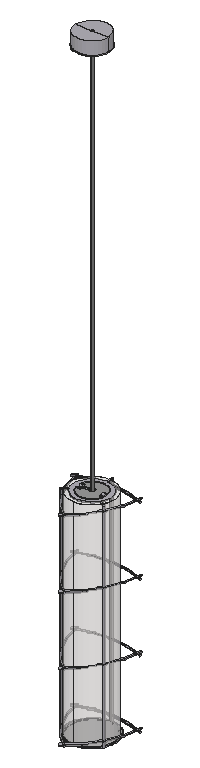
Revit family "Lighting - Lumetta - Pendant - P205-Full", category Lighting Fixtures, host Ceiling, Revit 2015
Parameters
  Wattage = 19.2793 W
  built-in parameter 1150110 = 1 (stored number, unit not read)
  URL = "https://lumetta.com/luminaires/turret-pendant/"
  Type Comments = "Chopstick 38'' Pendant "  # constant formula
  built-in parameter 1114217 = 1 (stored number, unit not read)
  Top-Bottom Lens Radius [instance] = Fixture Inner Radius - 0' 0 5/32"  # 0' - 2 19/32"
  Top Lens-Material [instance] = Acrylic - 2447 - White
  Top Lens [instance] = yes
  built-in parameter 1150109 = 1 (stored number, unit not read)
  built-in parameter 1150134 = (empty or 0)
  Suspension [instance] = 2
  built-in parameter 1150113 = 1 (stored number, unit not read)
  Stem or Cord with Blst-Drvr in canopy [instance] = or(Suspension = 2, Suspension = 3)  # yes
  Stem Hung-ALL Lamping [instance] = Suspension = 3  # no
  P205 URL [instance] = "https://lumetta.com/luminaires/chopstix-38-pendant/"
  Light Source Symbol Size = 0' - 1"
  Fixture Outer Radius [instance] = 0' - 3 1/2"
  Fixture Inner Radius [instance] = 0' - 2 3/4"
  Fixture Diameter [instance] = 2 * Fixture Inner Radius  # 0' - 5 1/2"
  Coupling-Stems Over 60 inches [instance] = and([Stem Hung-ALL Lamping], Fixture Drop > 5' 0")  # no
  Model = "P205"  # constant formula
  Manufacturer = "Lumetta, Inc."  # constant formula
  Lumens = 2140 lm
  built-in parameter 1150115 = 1 (stored number, unit not read)
  built-in parameter 1150105 = 170.3 (stored number, unit not read)
  built-in parameter 1150137 = (empty or 0)
  built-in parameter 1150139 = (empty or 0)
  built-in parameter 1150112 = 1 (stored number, unit not read)
  built-in parameter 1150114 = 1 (stored number, unit not read)
  built-in parameter 1150132 = 2
  built-in parameter 1150102 = (empty or 0)
  built-in parameter 1150138 = (empty or 0)
  built-in parameter 1150107 = 3000 (stored number, unit not read)
  built-in parameter 1150106 = 1.703 (stored number, unit not read)
  Frame Finish [instance] = Paint - Lumetta - F02 - PC_Chrome
  Fixture Height [instance] = 3' - 2"
  Fixture Drop [instance] = 6' - 0"
  built-in parameter 1150104 = 10.312 (stored number, unit not read)
  Dimming Lamp Color Temperature Shift = (empty or 0)
  Diffuser Material [instance] = Shade - Lumetta - D61 - MT_White
  Description = "Chopstick 38'' Pendant "  # constant formula
  Cord Hung-Incan-CFL-2 Wire Dimming [instance] = Suspension = 1  # no
  Cord Hung-Blst-Drvr in Canopy [instance] = or(Suspension = 1, Suspension = 2)  # yes
  Bottom Lens-Material [instance] = Acrylic - P95 - Etched White
  Bottom Lens [instance] = yes
  Cord Hung-3 and 4 Wire Dimming-ALL [instance] = Suspension = 2  # yes
  Cord Color [instance] = Cord, Black
  Color Filter = 16777215
  built-in parameter 1114218 = 1 (stored number, unit not read)
  built-in parameter 1150133 = 10 (stored number, unit not read)
Reference planes (in)
  plane 1 "Light Source Axis (F/B)": y = 0
  plane 2 "Ceiling": z = 96
  plane 3 "Light Source Axis (L/R)": x = 0
  plane 4 "Light Source Elevation": z = 21
  plane 5 "Fixture-Top": z = 24
  plane 6 "Fixture-Height": z = -14
  plane 7: y = 0
  plane 8: x = 1.9375
  plane 9 "Outer BTM-Flat Plane": z = 10.44187
  plane 10 "Middle Ring": z = 16.5
Forms (in)
  Revolve 1, solid, material "Paint - Lumetta - F02 - PC_Chrome" <- "Frame Finish", visible <- "Cord Hung-Incan-CFL-2 Wire Dimming"
    sketch origin (0, 0, 0) x (1, 0, 0) y (0, 0, 1)
      loop
        line (0, 96) -> (0, 95.65) -> (2.125, 95.65)
        arc (2.125, 95.65) -> (2.21339, 95.68661) -> (2.25, 95.775) r 0.125
        line (2.25, 95.775) -> (2.25, 96) -> (0, 96)
      axis (0, 96) -> (0, 95.65)
    angle from 0 to 360
  Extrusion 2, solid, material "Paint - Lumetta - F02 - PC_Chrome" <- "Frame Finish", visible <- "Stem Hung-ALL Lamping"
    sketch origin (0, 0, 24) x (0, -1, 0) y (-1, 0, 0)
      loop
        circle (0, 0) r 0.25
    from 0.05815 to -72
  Revolve 3, solid, material "Paint - Lumetta - F02 - PC_Chrome" <- "Frame Finish", visible <- "Coupling-Stems Over 60 inches"
    sketch origin (0, 0, 0) x (1, 0, 0) y (0, 0, 1)
      loop
        line (0, 86.53023) -> (0, 86) -> (0.26233, 86)
        arc (0.26233, 86) -> (0.31307, 86.05074) -> (0.26233, 86.10149) r 0.05074
        arc (0.26233, 86.10149) -> (0.29304, 86.26499) -> (0.26243, 86.42851) r 0.45126
        arc (0.26243, 86.42851) -> (0.31329, 86.47937) -> (0.26243, 86.53023) r 0.05086
        line (0.26243, 86.53023) -> (0, 86.53023)
      axis (0, 86.53023) -> (0, 86)
    angle from 0 to 360
  Extrusion 4, solid, material "Cord, Black" <- "Cord Color", visible <- "Cord Hung-Blst-Drvr in Canopy"
    sketch origin (0, 0, 24) x (0, -1, 0) y (1, 0, 0)
      loop
        circle (0, 0) r 0.15674
    from -0.05815 to 72
  Extrusion 5, solid, material "Paint - Lumetta - F02 - PC_Chrome" <- "Frame Finish"
    sketch origin (0.0011, -0.00472, 24) x (0.382683, -0.92388, 0) y (0.92388, 0.382683, 0)
      loop
        circle (0, 0) r 0.26562
      loop
        arc (-1.29906, -1.503) -> (-1.30857, -1.55084) -> (-1.29906, -1.59867) r 0.125
        line (-1.29906, -1.59867) -> (-1.16897, -1.91274)
        arc (-1.16897, -1.91274) -> (-1.14187, -1.95329) -> (-1.10132, -1.98039) r 0.125
        line (-1.10132, -1.98039) -> (-0.62159, -2.1791)
        arc (-0.62159, -2.1791) -> (-0.57376, -2.18861) -> (-0.52592, -2.1791) r 0.125
        line (-0.52592, -2.1791) -> (-0.21186, -2.04901)
        arc (-0.21186, -2.04901) -> (-0.17131, -2.02191) -> (-0.14421, -1.98136) r 0.125
        line (-0.14421, -1.98136) -> (1.29906, 1.503)
        arc (1.29906, 1.503) -> (1.30857, 1.55084) -> (1.29906, 1.59867) r 0.125
        line (1.29906, 1.59867) -> (1.17016, 1.90987)
        arc (1.17016, 1.90987) -> (1.14306, 1.95043) -> (1.10251, 1.97752) r 0.125
        line (1.10251, 1.97752) -> (0.61873, 2.17791)
        arc (0.61873, 2.17791) -> (0.57089, 2.18743) -> (0.52306, 2.17791) r 0.125
        line (0.52306, 2.17791) -> (0.21186, 2.04901)
        arc (0.21186, 2.04901) -> (0.17131, 2.02191) -> (0.14421, 1.98136) r 0.125
        line (0.14421, 1.98136) -> (-1.29906, -1.503)
      loop
        circle (-0.77014, -1.84697) r 0.081
      loop
        circle (0.76059, 1.84855) r 0.081
    from -0.12114 to -0.05815
  Revolve 6, solid, material "Paint - Lumetta - F02 - PC_Chrome" <- "Frame Finish", visible <- "Cord Hung-Incan-CFL-2 Wire Dimming"
    sketch origin (0, 0, 0) x (1, 0, 0) y (0, 0, 1)
      loop
        line (0, 95.65) -> (0, 95.15) -> (0.28125, 95.15) -> (0.375, 95.65) -> (0, 95.65)
      axis (0, 95.65) -> (0, 95.15)
    angle from 0 to 360
  Revolve 7, solid, material "Paint - Lumetta - F02 - PC_Chrome" <- "Frame Finish", visible <- "Stem or Cord with Blst-Drvr in canopy"
    sketch origin (0, 0, 0) x (1, 0, 0) y (0, 0, 1)
      loop
        line (1.9375, 93.72) -> (1.9375, 93.37095)
        arc (1.9375, 93.37095) -> (2.11821, 93.50953) -> (2.03125, 93.72) r 0.18712
        line (2.03125, 93.72) -> (1.9375, 93.72)
      axis (1.9375, 93.72) -> (1.9375, 93.37095)
    angle from 0 to 360
  Revolve 8, solid, material "Paint - Lumetta - F02 - PC_Chrome" <- "Frame Finish", visible <- "Stem or Cord with Blst-Drvr in canopy"
    sketch origin (0, 0, 0) x (-1, 0, 0) y (0, 0, 1)
      loop
        line (1.9375, 93.72) -> (1.9375, 93.37095)
        arc (1.9375, 93.37095) -> (2.11821, 93.50953) -> (2.03125, 93.72) r 0.18712
        line (2.03125, 93.72) -> (1.9375, 93.72)
      axis (1.9375, 93.72) -> (1.9375, 93.37095)
    angle from 0 to 360
  Revolve 9, solid, material "Paint - Lumetta - F02 - PC_Chrome" <- "Frame Finish", visible <- "Stem Hung-ALL Lamping"
    sketch origin (0, 0, 0) x (1, 0, 0) y (0, 0, 1)
      loop
        line (0, 96.0012) -> (0, 93.40625) -> (0.34988, 93.40625)
        arc (0.34988, 93.40625) -> (0.49124, 93.54417) -> (0.58115, 93.72) r 0.61026
        line (0.58115, 93.72) -> (3, 93.72) -> (3, 93.78) -> (2.875, 93.78) -> (2.875, 96.0012) -> (0, 96.0012)
      axis (0, 96.0012) -> (0, 93.40625)
    angle from 0 to 360
  Revolve 10, solid, material "Paint - Lumetta - F02 - PC_Chrome" <- "Frame Finish"
    sketch origin (-0.0625, 0, -0.07325) x (-1, 0, 0) y (0, 0, 1)
      loop
        arc (2.0625, 24.07325) -> (2.11266, 24.27991) -> (1.9375, 24.4005) r 0.1875
        line (1.9375, 24.4005) -> (1.9375, 24.07325) -> (2.0625, 24.07325)
      axis (1.9375, 24.4005) -> (1.9375, 24.07325)
    angle from 0 to 360
  Extrusion 11, solid, material "Shade - Lumetta - D61 - MT_White" <- "Diffuser Material"
    sketch origin (0, 0, 24) x (0, -1, 0) y (1, 0, 0)
      loop
        circle (0, 0) r 3.96875
      loop
        circle (0, 0) r 3.9375
    from -38 to -0.05815
  Extrusion 12, solid, material "Paint - Lumetta - F02 - PC_Chrome" <- "Frame Finish", visible <- "Bottom Lens"
    sketch origin (0, 0, 13) x (0, -1, 0) y (1, 0, 0)
      loop
        circle (0, 0) r 4.226
      loop
        circle (0, 0) r 3.726
    from -26.94112 to -27
  Extrusion 13, solid, material "Acrylic - P95 - Etched White" <- "Bottom Lens-Material", visible <- "Bottom Lens"
    sketch origin (0, 0, -14) x (0, -1, 0) y (1, 0, 0)
      loop
        circle (0, 0) r 4.125
    from 0 to 0.11365
  Extrusion 14, solid, material "Acrylic - 2447 - White" <- "Top Lens-Material", visible <- "Top Lens"
    sketch origin (-0.05005, -0.00001, 23.94185) x (0.382683, -0.92388, 0) y (0.92388, 0.382683, 0)
      loop
        line (-0.86292, -1.34728) -> (-0.42269, -0.28447)
        arc (-0.42269, -0.28447) -> (-0.41327, -0.23182) -> (-0.42671, -0.18006) r 0.125
        arc (-0.42671, -0.18006) -> (0.21087, 0.50803) -> (0.1736, -0.4293) r 0.5
        arc (0.1736, -0.4293) -> (0.12737, -0.45639) -> (0.09673, -0.50035) r 0.125
        line (0.09673, -0.50035) -> (-0.34324, -1.56254)
        arc (-0.34324, -1.56254) -> (-0.34324, -1.61037) -> (-0.30942, -1.6442) r 0.0625
        line (-0.30942, -1.6442) -> (-0.2228, -1.68007)
        arc (-0.2228, -1.68007) -> (-0.15515, -1.74772) -> (-0.15515, -1.84339) r 0.125
        line (-0.15515, -1.84339) -> (-0.35756, -2.33205)
        arc (-0.35756, -2.33205) -> (-0.35388, -2.38734) -> (-0.3077, -2.41797) r 0.0625
        arc (-0.3077, -2.41797) -> (2.25155, -0.93271) -> (1.49213, 1.92719) r 2.4375
        arc (1.49213, 1.92719) -> (1.43781, 1.93818) -> (1.39611, 1.9017) r 0.0625
        line (1.39611, 1.9017) -> (1.23207, 1.50567)
        arc (1.23207, 1.50567) -> (1.16442, 1.43802) -> (1.06875, 1.43802) r 0.125
        line (1.06875, 1.43802) -> (0.26036, 1.77287)
        arc (0.26036, 1.77287) -> (0.19271, 1.84052) -> (0.19271, 1.93619) r 0.125
        line (0.19271, 1.93619) -> (0.35675, 2.33221)
        arc (0.35675, 2.33221) -> (0.35306, 2.3875) -> (0.30688, 2.41813) r 0.0625
        arc (0.30688, 2.41813) -> (-2.25236, 0.93287) -> (-1.49294, -1.92703) r 2.4375
        arc (-1.49294, -1.92703) -> (-1.43863, -1.93802) -> (-1.39693, -1.90153) r 0.0625
        line (-1.39693, -1.90153) -> (-1.19452, -1.41288)
        arc (-1.19452, -1.41288) -> (-1.12687, -1.34523) -> (-1.0312, -1.34523) r 0.125
        line (-1.0312, -1.34523) -> (-0.94458, -1.3811)
        arc (-0.94458, -1.3811) -> (-0.89675, -1.3811) -> (-0.86292, -1.34728) r 0.0625
    from 0 to 0.05449
  Revolve 15, solid, material "Paint - Lumetta - F02 - PC_Chrome" <- "Frame Finish", visible <- "Cord Hung-3 and 4 Wire Dimming-ALL"
    sketch origin (0, 0, -2.02309) x (1, 0, 0) y (0, 0, 1)
      loop
        line (0, 95.74309) -> (0, 95.24309) -> (0.28125, 95.24309) -> (0.375, 95.74309) -> (0, 95.74309)
      axis (0, 95.74309) -> (0, 95.24309)
    angle from 0 to 360
  Revolve 16, solid, material "Paint - Lumetta - F02 - PC_Chrome" <- "Frame Finish", visible <- "Cord Hung-3 and 4 Wire Dimming-ALL"
    sketch origin (0, 0, 0) x (1, 0, 0) y (0, 0, 1)
      loop
        line (0, 96) -> (0, 93.72) -> (3, 93.72) -> (3, 93.78125) -> (2.875, 93.78125) -> (2.875, 96) -> (0, 96)
      axis (0, 96) -> (0, 93.72)
    angle from 0 to 360
  Revolve 17, solid, material "Paint - Lumetta - F02 - PC_Chrome" <- "Frame Finish"
    sketch origin (0.0625, 0, -0.07325) x (1, 0, 0) y (0, 0, 1)
      loop
        arc (2.0625, 24.07325) -> (2.11266, 24.27991) -> (1.9375, 24.4005) r 0.1875
        line (1.9375, 24.4005) -> (1.9375, 24.07325) -> (2.0625, 24.07325)
      axis (1.9375, 24.4005) -> (1.9375, 24.07325)
    angle from 0 to 360
  Extrusion 18, solid, material "Paint - Lumetta - F02 - PC_Chrome" <- "Frame Finish"
    sketch origin (0, 0, 24) x (0, -1, 0) y (1, 0, 0)
      loop
        arc (-3.24592, 0.16287) -> (-3.26527, 0.12071) -> (-3.30834, 0.1035) r 0.0625
        line (-3.30834, 0.1035) -> (-4.3301, 0.1035)
        arc (-4.3301, 0.1035) -> (-4.4336, 0) -> (-4.3301, -0.1035) r 0.1035
        line (-4.3301, -0.1035) -> (-3.30834, -0.1035)
        arc (-3.30834, -0.1035) -> (-3.26527, -0.12071) -> (-3.24592, -0.16287) r 0.0625
        arc (-3.24592, -0.16287) -> (-1.625, -2.81458) -> (1.48191, -2.89248) r 3.25
        arc (1.48191, -2.89248) -> (1.52809, -2.88816) -> (1.56454, -2.91685) r 0.0625
        line (1.56454, -2.91685) -> (2.07542, -3.80173)
        arc (2.07542, -3.80173) -> (2.2168, -3.83961) -> (2.25468, -3.69823) r 0.1035
        line (2.25468, -3.69823) -> (1.7438, -2.81335)
        arc (1.7438, -2.81335) -> (1.73717, -2.76745) -> (1.76401, -2.72961) r 0.0625
        arc (1.76401, -2.72961) -> (3.25, 0) -> (1.76401, 2.72961) r 3.25
        arc (1.76401, 2.72961) -> (1.73717, 2.76745) -> (1.7438, 2.81335) r 0.0625
        line (1.7438, 2.81335) -> (2.25468, 3.69823)
        arc (2.25468, 3.69823) -> (2.2168, 3.83961) -> (2.07542, 3.80173) r 0.1035
        line (2.07542, 3.80173) -> (1.56454, 2.91685)
        arc (1.56454, 2.91685) -> (1.52809, 2.88816) -> (1.48191, 2.89248) r 0.0625
        arc (1.48191, 2.89248) -> (-1.625, 2.81458) -> (-3.24592, 0.16287) r 3.25
      loop
        arc (-0.57692, -2.43252) -> (-0.52374, -2.42074) -> (-0.5, -2.37171) r 0.0625
        line (-0.5, -2.37171) -> (-0.5, -1.81641)
        arc (-0.5, -1.81641) -> (-0.48169, -1.77221) -> (-0.4375, -1.75391) r 0.0625
        line (-0.4375, -1.75391) -> (0.4375, -1.75391)
        arc (0.4375, -1.75391) -> (0.48169, -1.77221) -> (0.5, -1.81641) r 0.0625
        line (0.5, -1.81641) -> (0.5, -2.37171)
        arc (0.5, -2.37171) -> (0.52374, -2.42074) -> (0.57692, -2.43252) r 0.0625
        arc (0.57692, -2.43252) -> (2.5, 0) -> (0.57692, 2.43252) r 2.5
        arc (0.57692, 2.43252) -> (0.52374, 2.42074) -> (0.5, 2.37171) r 0.0625
        line (0.5, 2.37171) -> (0.5, 1.81641)
        arc (0.5, 1.81641) -> (0.48169, 1.77221) -> (0.4375, 1.75391) r 0.0625
        line (0.4375, 1.75391) -> (-0.4375, 1.75391)
        arc (-0.4375, 1.75391) -> (-0.48169, 1.77221) -> (-0.5, 1.81641) r 0.0625
        line (-0.5, 1.81641) -> (-0.5, 2.37171)
        arc (-0.5, 2.37171) -> (-0.52374, 2.42074) -> (-0.57692, 2.43252) r 0.0625
        arc (-0.57692, 2.43252) -> (-2.5, 0) -> (-0.57692, -2.43252) r 2.5
      loop
        circle (0, -2) r 0.106
      loop
        circle (0, 2) r 0.106
    from 0 to -0.05815
  Extrusion 19, solid, material "Paint - Lumetta - F02 - PC_Chrome" <- "Frame Finish"
    sketch origin (0, 0, 24) x (0, -1, 0) y (1, 0, 0)
      loop
        circle (-4.33176, 0) r 0.1035
      loop
        circle (2.16588, 3.75141) r 0.1035
      loop
        circle (2.16588, -3.75141) r 0.1035
    from -38 to -0.05815
  Sweep 20, solid, material "Paint - Lumetta - F02 - PC_Chrome" <- "Frame Finish"
    path origin (0.0096, 0, 23.99995) x (0.999954, 0, -0.009599) y (0, -1, 0)
      loop
        arc (-6, -2.95703) -> (0.00013, -4.226) -> (6, -2.95577) r 14.8125
    profile origin (0.00973, 4.226, 23.99995) x (-0.000105, -1, 0.000001) y (-0.009599, 0, -0.999954)
      loop
        circle (0, 1) r 0.1035
  Sweep 21, solid, material "Paint - Lumetta - F02 - PC_Chrome" <- "Frame Finish"
    path origin (-0.0048, -0.00831, 23.99995) x (-0.499977, -0.865986, -0.009599) y (-0.866025, 0.5, 0)
      loop
        arc (-6, -2.95703) -> (0.00013, -4.226) -> (6, -2.95577) r 14.8125
    profile origin (3.65496, -2.12143, 23.99995) x (-0.865973, 0.500091, 0.000001) y (0.0048, 0.008313, -0.999954)
      loop
        circle (0, 1) r 0.1035
  Sweep 22, solid, material "Paint - Lumetta - F02 - PC_Chrome" <- "Frame Finish"
    path origin (-0.0048, 0.00831, 23.99995) x (-0.499977, 0.865986, -0.009599) y (0.866025, 0.5, 0)
      loop
        arc (-6, -2.95703) -> (0.00013, -4.226) -> (6, -2.95577) r 14.8125
    profile origin (-3.66469, -2.10457, 23.99995) x (0.866078, 0.499909, 0.000001) y (0.0048, -0.008313, -0.999954)
      loop
        circle (0, 1) r 0.1035
  Sweep 23, solid, material "Paint - Lumetta - F02 - PC_Chrome" <- "Frame Finish"
    path origin (0.0096, 0, 11.99995) x (0.999954, 0, -0.009599) y (0, -1, 0)
      loop
        arc (-6, -2.95703) -> (0.00013, -4.226) -> (6, -2.95577) r 14.8125
    profile origin (0.00973, 4.226, 11.99995) x (-0.000105, -1, 0.000001) y (-0.009599, 0, -0.999954)
      loop
        circle (0, 1) r 0.1035
  Sweep 24, solid, material "Paint - Lumetta - F02 - PC_Chrome" <- "Frame Finish"
    path origin (-0.0048, -0.00831, 11.99995) x (-0.499977, -0.865986, -0.009599) y (-0.866025, 0.5, 0)
      loop
        arc (-6, -2.95703) -> (0.00013, -4.226) -> (6, -2.95577) r 14.8125
    profile origin (3.65496, -2.12143, 11.99995) x (-0.865973, 0.500091, 0.000001) y (0.0048, 0.008313, -0.999954)
      loop
        circle (0, 1) r 0.1035
  Sweep 25, solid, material "Paint - Lumetta - F02 - PC_Chrome" <- "Frame Finish"
    path origin (-0.0048, 0.00831, 11.99995) x (-0.499977, 0.865986, -0.009599) y (0.866025, 0.5, 0)
      loop
        arc (-6, -2.95703) -> (0.00013, -4.226) -> (6, -2.95577) r 14.8125
    profile origin (-3.66469, -2.10457, 11.99995) x (0.866078, 0.499909, 0.000001) y (0.0048, -0.008313, -0.999954)
      loop
        circle (0, 1) r 0.1035
  Sweep 26, solid, material "Paint - Lumetta - F02 - PC_Chrome" <- "Frame Finish"
    path origin (0.0096, 0, -0.00005) x (0.999954, 0, -0.009599) y (0, -1, 0)
      loop
        arc (-6, -2.95703) -> (0.00013, -4.226) -> (6, -2.95577) r 14.8125
    profile origin (0.00973, 4.226, -0.00005) x (-0.000105, -1, 0.000001) y (-0.009599, 0, -0.999954)
      loop
        circle (0, 1) r 0.1035
  Sweep 27, solid, material "Paint - Lumetta - F02 - PC_Chrome" <- "Frame Finish"
    path origin (-0.0048, -0.00831, -0.00005) x (-0.499977, -0.865986, -0.009599) y (-0.866025, 0.5, 0)
      loop
        arc (-6, -2.95703) -> (0.00013, -4.226) -> (6, -2.95577) r 14.8125
    profile origin (3.65496, -2.12143, -0.00005) x (-0.865973, 0.500091, 0.000001) y (0.0048, 0.008313, -0.999954)
      loop
        circle (0, 1) r 0.1035
  Sweep 28, solid, material "Paint - Lumetta - F02 - PC_Chrome" <- "Frame Finish"
    path origin (-0.0048, 0.00831, -0.00005) x (-0.499977, 0.865986, -0.009599) y (0.866025, 0.5, 0)
      loop
        arc (-6, -2.95703) -> (0.00013, -4.226) -> (6, -2.95577) r 14.8125
    profile origin (-3.66469, -2.10457, -0.00005) x (0.866078, 0.499909, 0.000001) y (0.0048, -0.008313, -0.999954)
      loop
        circle (0, 1) r 0.1035
  Sweep 29, solid, material "Paint - Lumetta - F02 - PC_Chrome" <- "Frame Finish"
    path origin (0.0096, 0, -12.00005) x (0.999954, 0, -0.009599) y (0, -1, 0)
      loop
        arc (-6, -2.95703) -> (0.00013, -4.226) -> (6, -2.95577) r 14.8125
    profile origin (0.00973, 4.226, -12.00005) x (-0.000105, -1, 0.000001) y (-0.009599, 0, -0.999954)
      loop
        circle (0, 1) r 0.1035
  Sweep 30, solid, material "Paint - Lumetta - F02 - PC_Chrome" <- "Frame Finish"
    path origin (-0.0048, -0.00831, -12.00005) x (-0.499977, -0.865986, -0.009599) y (-0.866025, 0.5, 0)
      loop
        arc (-6, -2.95703) -> (0.00013, -4.226) -> (6, -2.95577) r 14.8125
    profile origin (3.65496, -2.12143, -12.00005) x (-0.865973, 0.500091, 0.000001) y (0.0048, 0.008313, -0.999954)
      loop
        circle (0, 1) r 0.1035
  Sweep 31, solid, material "Paint - Lumetta - F02 - PC_Chrome" <- "Frame Finish"
    path origin (-0.0048, 0.00831, -12.00005) x (-0.499977, 0.865986, -0.009599) y (0.866025, 0.5, 0)
      loop
        arc (-6, -2.95703) -> (0.00013, -4.226) -> (6, -2.95577) r 14.8125
    profile origin (-3.66469, -2.10457, -12.00005) x (0.866078, 0.499909, 0.000001) y (0.0048, -0.008313, -0.999954)
      loop
        circle (0, 1) r 0.1035
Lines and regions (in)
  reference lines
    curve 1: line (6, 6.13139, 24) -> (6, 3.13139, 24)
Dimensions and locks (in)
  equal spacing: host sketch curve, plane 3 "Light Source Axis (L/R)", host sketch curve
  equal spacing: host sketch curve, plane 1 "Light Source Axis (F/B)", host sketch curve
  host sketch curve to host sketch curve = 10' - 0"  (x2)
  "Fixture Drop": plane 2 "Ceiling" to plane 5 "Fixture-Top"
  plane 5 "Fixture-Top" to plane 4 "Light Source Elevation" = 0' - 3"
  "Fixture Height": plane 5 "Fixture-Top" to plane 6 "Fixture-Height"
  locked: Extrusion 2 sketch curve to imposter light
  locked: Extrusion 2 sketch curve to imposter light at 0
  Revolve 3 sketch curve to Revolve 3 sketch curve = 0' - 0.15822"
  locked: Revolve 3 sketch curve to Revolve 3 sketch curve at 0.53023
  locked: Revolve 3 sketch curve to Revolve 3 sketch curve at 0.26243
  locked: Revolve 3 sketch curve to Revolve 3 sketch curve at 0.26233
  locked: Revolve 3 sketch curve to Revolve 3 sketch curve at 0.05074
  locked: Revolve 3 sketch curve to Revolve 3 sketch curve at 0.47937
  locked: Revolve 3 sketch curve to Revolve 3 sketch curve at 0.26512
  locked: Revolve 1 to Revolve 6 sketch curve at 0.5
  plane 5 "Fixture-Top" to Extrusion 5 = 0' - 0.12114"
  locked: Revolve 9 sketch curve to Revolve 9 sketch curve at 2.875
  locked: Revolve 9 sketch curve to Revolve 9 sketch curve at 0.31375
  locked: plane 2 "Ceiling" to Revolve 9 sketch curve at 2.28
  locked: Revolve 9 sketch curve to plane 3 "Light Source Axis (L/R)" at 0
  locked: Revolve 9 sketch curve to plane 2 "Ceiling" at 0.0012
  locked: plane 5 "Fixture-Top" to plane 9 "Outer BTM-Flat Plane" at 13.55813
  locked: plane 2 "Ceiling" to Revolve 1 sketch curve at 0.35
  locked: Revolve 1 sketch curve to plane 2 "Ceiling"
  locked: Revolve 1 sketch curve to plane 3 "Light Source Axis (L/R)" at 2.25
  locked: plane 2 "Ceiling" to Revolve 6 sketch curve at 0.35
  locked: plane 5 "Fixture-Top" to plane 10 "Middle Ring" at 7.5
  locked: Revolve 10 sketch curve to Revolve 10 sketch curve at 0.13975
  locked: Extrusion 12 to plane 6 "Fixture-Height" at 0.05888
  locked: Extrusion 13 to plane 6 "Fixture-Height" at 0.11365
  locked: Extrusion 14 to Extrusion 14 at 0.05449  (x2)
  locked: Revolve 9 sketch curve to plane 3 "Light Source Axis (L/R)" at 3
  locked: Revolve 16 sketch curve to plane 2 "Ceiling"
  locked: plane 3 "Light Source Axis (L/R)" to Revolve 16 sketch curve at 2.875
  locked: plane 2 "Ceiling" to Revolve 16 sketch curve at 2.28
  locked: Revolve 16 sketch curve to Revolve 16 sketch curve at 0.06125
  locked: Revolve 16 sketch curve to Revolve 16 sketch curve at 0.125
  locked: Revolve 16 sketch curve to plane 3 "Light Source Axis (L/R)" at 0
  locked: Revolve 15 sketch curve to Revolve 15 sketch curve at 0.5
  locked: Revolve 15 sketch curve to Revolve 15 sketch curve at 0
  locked: Revolve 15 sketch curve to Revolve 15 sketch curve at 0.375
  locked: Revolve 15 sketch curve to Revolve 15 sketch curve at 0.28125
  locked: plane 2 "Ceiling" to Revolve 15 sketch curve at 2.28
  locked: plane 6 "Fixture-Height" to Extrusion 12 at 0
  locked: Revolve 17 sketch curve to Revolve 17 sketch curve at 0.13975
  locked: Extrusion 18 sketch curve to imposter light at 2
  locked: plane 5 "Fixture-Top" to Extrusion 18 at 0.05815
  locked: Extrusion 5 sketch curve to plane 3 "Light Source Axis (L/R)" at 2.25
  locked: plane 3 "Light Source Axis (L/R)" to Extrusion 5 sketch curve at 2.25
  locked: plane 5 "Fixture-Top" to Extrusion 5 at 0.05815
  locked: Extrusion 5 to Extrusion 5 at 0.06299
  locked: plane 5 "Fixture-Top" to Extrusion 14 at 0.00366
  locked: Revolve 10 to plane 5 "Fixture-Top"
  locked: Revolve 17 to plane 5 "Fixture-Top"
  locked: plane 3 "Light Source Axis (L/R)" to Extrusion 18 sketch curve at 0.1035
  locked: Extrusion 18 sketch curve to plane 3 "Light Source Axis (L/R)" at 0.1035
  locked: Extrusion 19 to Extrusion 14 at 0
  locked: Extrusion 18 to Extrusion 11 at 0
  Extrusion 18 to Sweep 20 = 0' - 1.058"
  aligned and locked: plane 3 "Light Source Axis (L/R)" to imposter light
  aligned and locked: plane 1 "Light Source Axis (F/B)" to imposter light
  aligned and locked: plane 4 "Light Source Elevation" to imposter light
  aligned and locked: Revolve 3 sketch curve to Revolve 3 sketch curve  (x2)
  aligned and locked: host ceiling to Extrusion 2
  aligned and locked: host ceiling to Extrusion 4
  aligned and locked: Revolve 7 sketch curve to plane 8
  aligned and locked: plane 6 "Fixture-Height" to Extrusion 13
  aligned and locked: plane 6 "Fixture-Height" to Extrusion 11
  aligned and locked: Extrusion 2 to Extrusion 4
  aligned and locked: plane 6 "Fixture-Height" to Extrusion 19
Automatic sketch dimensions
  Revolve 1 sketch curve to plane 3 "Light Source Axis (L/R)" = 0' - 0"  (x2)
  Revolve 1 sketch curve to Revolve 1 sketch curve = 0' - 0 1/8"
  Revolve 1 sketch curve to plane 5 "Fixture-Top" = 0' - 1 1/4"
  plane 2 "Ceiling" to Revolve 1 sketch curve = 0' - 9 3/4"
  Revolve 3 sketch curve to plane 3 "Light Source Axis (L/R)" = 0' - 0"
  Revolve 3 sketch curve to plane 2 "Ceiling" = 0' - 10"
  Revolve 3 sketch curve to Revolve 3 sketch curve = 0' - 11.34317"
  plane 1 "Light Source Axis (F/B)" to Extrusion 4 sketch curve = 0' - 0"
  Extrusion 4 sketch curve to plane 3 "Light Source Axis (L/R)" = 0' - 0"
  curve 1 to plane 1 "Light Source Axis (F/B)" = 0' - 6.13139"
  plane 8 to curve 1 = 0' - 4 1/16"
  curve 1 to curve 1 = 0' - 3"
  plane 1 "Light Source Axis (F/B)" to Extrusion 5 sketch curve = 0' - 0"  (x2)
  Extrusion 5 sketch curve to plane 1 "Light Source Axis (F/B)" = 0' - 0.62028"
  Extrusion 5 sketch curve to plane 3 "Light Source Axis (L/R)" = 0' - 1.88463"
  Extrusion 5 sketch curve to Extrusion 5 sketch curve = 0' - 0"  (x2)
  Extrusion 5 sketch curve to Extrusion 5 sketch curve = 0' - 0.11548"  (x5)
  Extrusion 5 sketch curve to Extrusion 5 sketch curve = 0' - 0.13009"  (x2)
  Extrusion 5 sketch curve to Extrusion 5 sketch curve = 0' - 0.06765"  (x6)
  Extrusion 5 sketch curve to Extrusion 5 sketch curve = 0' - 0.04784"  (x8)
  Extrusion 5 sketch curve to Extrusion 5 sketch curve = 0' - 0.28334"
  Extrusion 5 sketch curve to Extrusion 5 sketch curve = 0' - 0.14855"
  Extrusion 5 sketch curve to Extrusion 5 sketch curve = 0' - 0.09567"  (x3)
  Extrusion 5 sketch curve to Extrusion 5 sketch curve = 0' - 0.31406"
  Extrusion 5 sketch curve to Extrusion 5 sketch curve = 0' - 1 47/256"
  Extrusion 5 sketch curve to Extrusion 5 sketch curve = 0' - 0.14421"
  Extrusion 5 sketch curve to Extrusion 5 sketch curve = 0' - 0.3112"
  Extrusion 5 sketch curve to Extrusion 5 sketch curve = 0' - 0.1897"
  Extrusion 5 sketch curve to Extrusion 5 sketch curve = 0' - 0.29408"
  Extrusion 5 sketch curve to Extrusion 5 sketch curve = 0' - 0 33/256"
  Extrusion 5 sketch curve to Extrusion 5 sketch curve = 0' - 1.55084"
  Extrusion 5 sketch curve to Extrusion 5 sketch curve = 0' - 0.47452"
  Extrusion 5 sketch curve to Extrusion 5 sketch curve = 0' - 0.24439"
  Revolve 6 sketch curve to plane 3 "Light Source Axis (L/R)" = 0' - 0"  (x2)
  Revolve 6 sketch curve to Revolve 6 sketch curve = 0' - 0 9/32"
  Revolve 6 sketch curve to Revolve 6 sketch curve = 0' - 0 3/8"
  Revolve 6 sketch curve to Revolve 6 sketch curve = 0' - 1 1/4"
  plane 2 "Ceiling" to Revolve 6 sketch curve = 0' - 6 11/16"
  Revolve 7 sketch curve to plane 8 = 0' - 0"
  plane 8 to Revolve 7 sketch curve = 0' - 0 3/32"
  Revolve 7 sketch curve to plane 2 "Ceiling" = 0' - 2.62905"
  Revolve 7 sketch curve to Revolve 7 sketch curve = 0' - 0.18712"
  Revolve 7 sketch curve to Revolve 7 sketch curve = 0' - 1.15095"
  plane 2 "Ceiling" to Revolve 7 sketch curve = 0' - 0.72"
  plane 3 "Light Source Axis (L/R)" to Revolve 8 sketch curve = 0' - 1 15/16"
  Revolve 8 sketch curve to Revolve 8 sketch curve = 0' - 0 3/32"
  plane 2 "Ceiling" to Revolve 8 sketch curve = 0' - 2.62905"
  Revolve 8 sketch curve to Revolve 8 sketch curve = 0' - 0.18712"
  Revolve 8 sketch curve to Revolve 8 sketch curve = 0' - 0"
  Revolve 8 sketch curve to Revolve 8 sketch curve = 0' - 1.15095"
  Revolve 8 sketch curve to plane 2 "Ceiling" = 0' - 0.72"
  Revolve 9 sketch curve to plane 3 "Light Source Axis (L/R)" = 0' - 0"  (x2)
  Revolve 9 sketch curve to Revolve 9 sketch curve = 0' - 0.34988"
  Revolve 9 sketch curve to Revolve 9 sketch curve = 0' - 0.23126"
  Revolve 9 sketch curve to Revolve 9 sketch curve = 0' - 0.06"
  Revolve 9 sketch curve to Revolve 9 sketch curve = 0' - 1.7488"
  Revolve 9 sketch curve to Revolve 9 sketch curve = 0' - 2 1/2"
  Revolve 10 sketch curve to plane 5 "Fixture-Top" = 0' - 0"
  Revolve 10 sketch curve to plane 3 "Light Source Axis (L/R)" = 0' - 2"
  Revolve 10 sketch curve to Revolve 10 sketch curve = 0' - 0 1/8"
  Revolve 10 sketch curve to Revolve 10 sketch curve = 0' - 0"
  plane 5 "Fixture-Top" to Revolve 10 sketch curve = 0' - 0.51943"
  Revolve 10 sketch curve to Revolve 10 sketch curve = 0' - 0.19786"
  Extrusion 11 sketch curve to Extrusion 11 sketch curve = 0' - 0"  (x2)
  plane 1 "Light Source Axis (F/B)" to Extrusion 11 sketch curve = 0' - 0"
  Extrusion 11 sketch curve to plane 3 "Light Source Axis (L/R)" = 0' - 0"
  Extrusion 12 sketch curve to Extrusion 12 sketch curve = 0' - 0"  (x2)
  plane 1 "Light Source Axis (F/B)" to Extrusion 12 sketch curve = 0' - 0"
  Extrusion 12 sketch curve to plane 3 "Light Source Axis (L/R)" = 0' - 0"
  plane 1 "Light Source Axis (F/B)" to Extrusion 13 sketch curve = 0' - 0"
  Extrusion 13 sketch curve to plane 3 "Light Source Axis (L/R)" = 0' - 0"
  Extrusion 14 sketch curve to Extrusion 14 sketch curve = 0' - 0"  (x5)
  plane 1 "Light Source Axis (F/B)" to Extrusion 14 sketch curve = 0' - 0"
  Extrusion 14 sketch curve to plane 3 "Light Source Axis (L/R)" = 0' - 0"
  Extrusion 14 sketch curve to Extrusion 14 sketch curve = 0' - 0 5/256"
  Extrusion 14 sketch curve to Extrusion 14 sketch curve = 0' - 0.15475"
  Extrusion 14 sketch curve to Extrusion 14 sketch curve = 0' - 0.06765"  (x4)
  Extrusion 14 sketch curve to Extrusion 14 sketch curve = 0' - 0.04784"  (x6)
  Extrusion 14 sketch curve to Extrusion 14 sketch curve = 0' - 0.0627"
  Extrusion 14 sketch curve to Extrusion 14 sketch curve = 0' - 0.14467"
  Extrusion 14 sketch curve to Extrusion 14 sketch curve = 0' - 0.02392"  (x8)
  Extrusion 14 sketch curve to Extrusion 14 sketch curve = 0' - 0.05774"  (x6)
  Extrusion 14 sketch curve to Extrusion 14 sketch curve = 0' - 0.42229"
  Extrusion 14 sketch curve to Extrusion 14 sketch curve = 0' - 0.11548"  (x6)
  Extrusion 14 sketch curve to Extrusion 14 sketch curve = 0' - 0.51968"
  Extrusion 14 sketch curve to Extrusion 14 sketch curve = 0' - 0.08661"
  Extrusion 14 sketch curve to Extrusion 14 sketch curve = 0' - 0.20241"
  Extrusion 14 sketch curve to Extrusion 14 sketch curve = 0' - 0.09714"
  Extrusion 14 sketch curve to Extrusion 14 sketch curve = 0' - 0.17357"
  Extrusion 14 sketch curve to Extrusion 14 sketch curve = 0' - 0.1063"
  Extrusion 14 sketch curve to Extrusion 14 sketch curve = 0' - 0.80839"
  Extrusion 14 sketch curve to Extrusion 14 sketch curve = 0' - 0.16404"
  Extrusion 14 sketch curve to Extrusion 14 sketch curve = 0' - 0.04616"
  Extrusion 14 sketch curve to Extrusion 14 sketch curve = 0' - 0.23671"
  Extrusion 14 sketch curve to Extrusion 14 sketch curve = 0' - 0.50043"
  Extrusion 14 sketch curve to Extrusion 14 sketch curve = 0' - 1.08673"
  Extrusion 14 sketch curve to Extrusion 14 sketch curve = 0' - 0.02187"
  Extrusion 14 sketch curve to Extrusion 14 sketch curve = 0' - 0.21526"
  Extrusion 14 sketch curve to Extrusion 14 sketch curve = 0' - 0.03588"
  Extrusion 14 sketch curve to Extrusion 14 sketch curve = 0' - 0.46474"
  Extrusion 14 sketch curve to Extrusion 14 sketch curve = 0' - 0.48866"
  Extrusion 14 sketch curve to Extrusion 14 sketch curve = 0' - 1.39177"
  Extrusion 14 sketch curve to Extrusion 14 sketch curve = 0' - 0.33485"
  Extrusion 14 sketch curve to Extrusion 14 sketch curve = 0' - 0.37211"
  Extrusion 14 sketch curve to Extrusion 14 sketch curve = 0' - 0.39603"
  Revolve 15 sketch curve to plane 3 "Light Source Axis (L/R)" = 0' - 0"
  Revolve 15 sketch curve to Revolve 15 sketch curve = 0' - 1.34309"
  plane 2 "Ceiling" to Revolve 15 sketch curve = 0' - 4.66441"
  Revolve 16 sketch curve to plane 3 "Light Source Axis (L/R)" = 0' - 0"
  Revolve 16 sketch curve to Revolve 16 sketch curve = 0' - 10.47"
  plane 2 "Ceiling" to Revolve 16 sketch curve = 1' - 0"
  Revolve 17 sketch curve to plane 5 "Fixture-Top" = 0' - 0"
  plane 8 to Revolve 17 sketch curve = 0' - 0 1/16"  (x2)
  Revolve 17 sketch curve to Revolve 17 sketch curve = 0' - 0 1/8"
  Revolve 17 sketch curve to Revolve 17 sketch curve = 0' - 0.51943"
  Revolve 17 sketch curve to Revolve 17 sketch curve = 0' - 0.19786"
  Extrusion 18 sketch curve to Extrusion 18 sketch curve = 0' - 0"  (x26)
  plane 1 "Light Source Axis (F/B)" to Extrusion 18 sketch curve = 0' - 0"  (x3)
  Extrusion 18 sketch curve to plane 3 "Light Source Axis (L/R)" = 0' - 0"
  Extrusion 18 sketch curve to plane 1 "Light Source Axis (F/B)" = 0' - 0 7/16"  (x2)
  Extrusion 18 sketch curve to Extrusion 18 sketch curve = 0' - 0 1/16"  (x7)
  Extrusion 18 sketch curve to plane 1 "Light Source Axis (F/B)" = 0' - 0 1/2"
  Extrusion 18 sketch curve to plane 3 "Light Source Axis (L/R)" = 0' - 0.166"
  Extrusion 18 sketch curve to Extrusion 18 sketch curve = 0' - 2.80834"
  Extrusion 18 sketch curve to Extrusion 18 sketch curve = 0' - 1.02176"
  plane 1 "Light Source Axis (F/B)" to Extrusion 18 sketch curve = 0' - 0 7/16"  (x2)
  plane 1 "Light Source Axis (F/B)" to Extrusion 18 sketch curve = 0' - 0 1/2"
  Extrusion 18 sketch curve to Extrusion 18 sketch curve = 0' - 0.94791"  (x2)
  plane 8 to Extrusion 18 sketch curve = 0' - 0.97935"
  Extrusion 18 sketch curve to Extrusion 18 sketch curve = 0' - 0.05413"  (x4)
  Extrusion 18 sketch curve to Extrusion 18 sketch curve = 0' - 0.17927"  (x2)
  Extrusion 18 sketch curve to Extrusion 18 sketch curve = 0' - 0.51088"  (x2)
  Extrusion 18 sketch curve to Extrusion 18 sketch curve = 0' - 0.08963"  (x4)
  plane 8 to Extrusion 18 sketch curve = 0' - 1.76073"
  Extrusion 18 sketch curve to Extrusion 18 sketch curve = 0' - 0.37171"  (x2)
  Extrusion 18 sketch curve to Extrusion 18 sketch curve = 0' - 0.34958"
  Extrusion 18 sketch curve to Extrusion 18 sketch curve = 0' - 0 1/32"  (x4)
  Extrusion 18 sketch curve to Extrusion 18 sketch curve = 0' - 0.1035"
  Extrusion 18 sketch curve to Extrusion 18 sketch curve = 0' - 0.88487"
  Extrusion 18 sketch curve to Extrusion 18 sketch curve = 0' - 0.05175"  (x2)
  Extrusion 18 sketch curve to Extrusion 18 sketch curve = 0' - 0 47/256"
  Extrusion 18 sketch curve to plane 8 = 0' - 0 47/256"
  plane 8 to Extrusion 18 sketch curve = 0' - 0 1/16"
  plane 8 to Extrusion 18 sketch curve = 0' - 0.43421"  (x2)
  Extrusion 18 sketch curve to Extrusion 18 sketch curve = 0' - 0.13475"
  Extrusion 19 sketch curve to plane 3 "Light Source Axis (L/R)" = 0' - 0"
  Extrusion 19 sketch curve to plane 1 "Light Source Axis (F/B)" = 0' - 4.33176"
  plane 1 "Light Source Axis (F/B)" to Extrusion 19 sketch curve = 0' - 2.16588"  (x2)
  Extrusion 19 sketch curve to plane 3 "Light Source Axis (L/R)" = 0' - 3.75141"
  plane 8 to Extrusion 19 sketch curve = 0' - 1.81391"
  plane 1 "Light Source Axis (F/B)" to Sweep 20 sketch curve = 0' - 10.5865"
  Sweep 20 sketch curve to plane 1 "Light Source Axis (F/B)" = 0' - 2 245/256"
  Sweep 20 sketch curve to Sweep 20 sketch curve = 0' - 5.99858"
  Sweep 20 sketch curve to plane 1 "Light Source Axis (F/B)" = 0' - 2.95577"
  profile plane to Sweep 20 sketch curve = 0' - 0"
  profile plane to Sweep 20 sketch curve = 0' - 1"
  Sweep 21 sketch curve to Sweep 21 sketch curve = 0' - 5.99858"
  Sweep 21 sketch curve to Sweep 21 sketch curve = 1' - 0"
  Sweep 21 sketch curve to Sweep 21 sketch curve = 1' - 1.54227"
  Sweep 21 sketch curve to profile plane = 0' - 0"
  profile plane to Sweep 21 sketch curve = 0' - 1"
  Sweep 22 sketch curve to Sweep 22 sketch curve = 0' - 5.99858"
  Sweep 22 sketch curve to Sweep 22 sketch curve = 1' - 0"
  Sweep 22 sketch curve to Sweep 22 sketch curve = 1' - 1.54227"
  Sweep 22 sketch curve to profile plane = 0' - 0"
  profile plane to Sweep 22 sketch curve = 0' - 1"
  plane 1 "Light Source Axis (F/B)" to Sweep 23 sketch curve = 0' - 10.5865"
  Sweep 23 sketch curve to plane 1 "Light Source Axis (F/B)" = 0' - 2 245/256"
  Sweep 23 sketch curve to Sweep 23 sketch curve = 0' - 5.99858"
  Sweep 23 sketch curve to plane 1 "Light Source Axis (F/B)" = 0' - 2.95577"
  profile plane to Sweep 23 sketch curve = 0' - 0"
  profile plane to Sweep 23 sketch curve = 0' - 1"
  Sweep 24 sketch curve to Sweep 24 sketch curve = 0' - 5.99858"
  Sweep 24 sketch curve to Sweep 24 sketch curve = 1' - 0"
  Sweep 24 sketch curve to Sweep 24 sketch curve = 1' - 1.54227"
  Sweep 24 sketch curve to profile plane = 0' - 0"
  profile plane to Sweep 24 sketch curve = 0' - 1"
  Sweep 25 sketch curve to Sweep 25 sketch curve = 0' - 5.99858"
  Sweep 25 sketch curve to Sweep 25 sketch curve = 1' - 0"
  Sweep 25 sketch curve to Sweep 25 sketch curve = 1' - 1.54227"
  Sweep 25 sketch curve to profile plane = 0' - 0"
  profile plane to Sweep 25 sketch curve = 0' - 1"
  plane 1 "Light Source Axis (F/B)" to Sweep 26 sketch curve = 0' - 10.5865"
  Sweep 26 sketch curve to plane 1 "Light Source Axis (F/B)" = 0' - 2 245/256"
  Sweep 26 sketch curve to Sweep 26 sketch curve = 0' - 5.99858"
  Sweep 26 sketch curve to plane 1 "Light Source Axis (F/B)" = 0' - 2.95577"
  profile plane to Sweep 26 sketch curve = 0' - 0"
  profile plane to Sweep 26 sketch curve = 0' - 1"
  Sweep 27 sketch curve to Sweep 27 sketch curve = 0' - 5.99858"
  Sweep 27 sketch curve to Sweep 27 sketch curve = 1' - 0"
  Sweep 27 sketch curve to Sweep 27 sketch curve = 1' - 1.54227"
  Sweep 27 sketch curve to profile plane = 0' - 0"
  profile plane to Sweep 27 sketch curve = 0' - 1"
  Sweep 28 sketch curve to Sweep 28 sketch curve = 0' - 5.99858"
  Sweep 28 sketch curve to Sweep 28 sketch curve = 1' - 0"
  Sweep 28 sketch curve to Sweep 28 sketch curve = 1' - 1.54227"
  Sweep 28 sketch curve to profile plane = 0' - 0"
  profile plane to Sweep 28 sketch curve = 0' - 1"
  plane 1 "Light Source Axis (F/B)" to Sweep 29 sketch curve = 0' - 10.5865"
  Sweep 29 sketch curve to plane 1 "Light Source Axis (F/B)" = 0' - 2 245/256"
  Sweep 29 sketch curve to Sweep 29 sketch curve = 0' - 5.99858"
  Sweep 29 sketch curve to plane 1 "Light Source Axis (F/B)" = 0' - 2.95577"
  profile plane to Sweep 29 sketch curve = 0' - 0"
  profile plane to Sweep 29 sketch curve = 0' - 1"
  Sweep 30 sketch curve to Sweep 30 sketch curve = 0' - 5.99858"
  Sweep 30 sketch curve to Sweep 30 sketch curve = 1' - 0"
  Sweep 30 sketch curve to Sweep 30 sketch curve = 1' - 1.54227"
  Sweep 30 sketch curve to profile plane = 0' - 0"
  profile plane to Sweep 30 sketch curve = 0' - 1"
  Sweep 31 sketch curve to Sweep 31 sketch curve = 0' - 5.99858"
  Sweep 31 sketch curve to Sweep 31 sketch curve = 1' - 0"
  Sweep 31 sketch curve to Sweep 31 sketch curve = 1' - 1.54227"
  Sweep 31 sketch curve to profile plane = 0' - 0"
  profile plane to Sweep 31 sketch curve = 0' - 1"
  radius of Extrusion 2 sketch curve = 0' - 0 1/4"
  radius of Extrusion 4 sketch curve = 0' - 0.15674"
  radius of Extrusion 5 sketch curve = 0' - 0 17/64"
  radius of Extrusion 5 sketch curve = 0' - 0.081"  (x2)
  radius of Extrusion 11 sketch curve = 0' - 3 31/32"
  radius of Extrusion 11 sketch curve = 0' - 3 15/16"
  radius of Extrusion 12 sketch curve = 0' - 4.226"
  radius of Extrusion 12 sketch curve = 0' - 3.726"
  radius of Extrusion 13 sketch curve = 0' - 4 1/8"
  radius of Extrusion 18 sketch curve = 0' - 0.106"  (x2)
  radius of Extrusion 19 sketch curve = 0' - 0.1035"  (x3)
  radius of Sweep 20 sketch curve = 0' - 0.1035"
  radius of Sweep 21 sketch curve = 0' - 0.1035"
  radius of Sweep 22 sketch curve = 0' - 0.1035"
  radius of Sweep 23 sketch curve = 0' - 0.1035"
  radius of Sweep 24 sketch curve = 0' - 0.1035"
  radius of Sweep 25 sketch curve = 0' - 0.1035"
  radius of Sweep 26 sketch curve = 0' - 0.1035"
  radius of Sweep 27 sketch curve = 0' - 0.1035"
  radius of Sweep 28 sketch curve = 0' - 0.1035"
  radius of Sweep 29 sketch curve = 0' - 0.1035"
  radius of Sweep 30 sketch curve = 0' - 0.1035"
  radius of Sweep 31 sketch curve = 0' - 0.1035"
